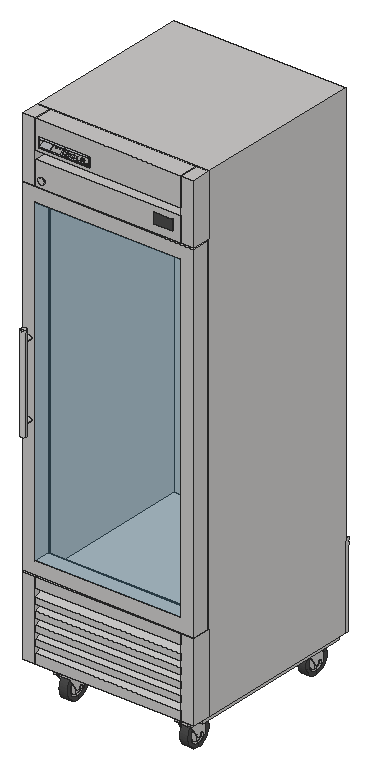
Revit family "QF_TRUE_TS-23G-HC~FGD01_cat", category Specialty Equipment, Revit 2015
Parameters
  Weight in Pounds = 315
  Watts = Volts * FL Amps  # 253 W
  Volts = 115 V
  URL Cutsheet = "www.truemfg.com"
  URL = "www.truemfg.com"
  Specification by User = ""
  Specification by Manufacturer = ""
  Show Clearance [instance] = yes
  Show 6 Inches Standard Legs [instance] = no
  Show 6 Inches Seismic Flanged Legs [instance] = no
  6 Inches Seismic Flanged Legs [instance] = and(Show 6 Inches Seismic Flanged Legs, not(Show 5 Inches Castors))  # no
  Show Logo [instance] = yes
  Serial Number = ""
  Seismic Rating = ""
  SMACNA No = ""
  Revision Code = ""
  Phase = 1
  Overall Height [instance] = Body Height + Base Height  # 83 3/8"
  Number of Poles = 1
  NAFEM Spec ID Number = ""
  Model = "TS-23G-HC~FGD01"
  Min Ckt Ampacity = 0 A
  Max Overcurrent Protection = 0 A
  Masterspec = ""
  Manufacturer = "TRUE"
  Length = 27"
  Item Number = ""
  Installed By = ""
  Identify Quantity as Lot = yes
  Height = 83 3/8"
  HP = "1/4"
  Furnished By = ""
  Foodservice Equipment Identifier = yes
  FL Amps = 2.2 A
  Electrical Remarks = ""
  Electric Connection Type = ""
  Elec Conn RI Height = 0"
  Elec Conn Connection Height = 0"
  Description = "REACH-IN GLASS SWING DOOR STAINLESS STEEL REFRIGERATOR WITH HYDROCARBON REFRIGERANT~FRAMED GLASS DOOR VERSION 01"
  Depth = 29 7/8"
  Cycle = 60 Hz
  Conn Plug = "NEMA 5-15P"
  Conn Conduit = yes
  CSI MasterFormat = ""
  Body Height = 78 3/8"
  Base Height [instance] = if(Show 5 Inches Castors, 5", 6")  # 5"
  Apparent Power = 0 VA
  6 Inches Standard Legs [instance] = and(Show 6 Inches Standard Legs, not(Show 5 Inches Castors))  # no
  Show 5 Inches Castors [instance] = if(Show 6 Inches Seismic Flanged Legs, Show 6 Inches Standard Legs, not(Show 6 Inches Standard Legs))  # yes
Reference planes (in)
  plane 1 "BACK": y = 0
  plane 2: z = 0
  plane 3 "LEFT": x = 0
  plane 4 "RIGHT": x = 27
  plane 5 "FRONT": y = -29.875
  plane 6 "TOP": z = 83.375
  plane 7 "Center Y": x = 13.5
  plane 8 "Center X": y = -14.9375
  plane 9: z = 5
Dimensions and locks (in)
  equal spacing: plane 3 "LEFT", plane 7 "Center Y", plane 4 "RIGHT"
  "Length": plane 3 "LEFT" to plane 4 "RIGHT"
  equal spacing: plane 5 "FRONT", plane 8 "Center X", plane 1 "BACK"
  "Depth": plane 5 "FRONT" to plane 1 "BACK"
  "Overall Height": plane 6 "TOP" to level
  plane 3 "LEFT" to plane 4 "RIGHT" = 27"
  "Base Height": plane 9 to level
  "Body Height": nested 5 to plane 9
  plane 6 "TOP" to nested 5 = 77"
  aligned and locked: level to plane 2
  aligned and locked: nested 5 to plane 9
Nested families (in)
  nested 1: "CASTER-LEGS" at (4, -2.625, 0), Show 5" Casters <- "Show 5 Inches Castors", Show 6 Inches Legs <- "6 Inches Standard Legs", Show Siesmic Flanged <- "6 Inches Seismic Flanged Legs", type "CASTER-LEGS"
    with Type Mark "", Status "", Specification by User "", Show Siesmic Flanged no, Show 6" Casters no, Show 6 Inches Legs no, Show 5" Casters yes, Show 4" Casters no, Show 2.5 Standard Legs no, Show 2.5 Casters no, Revision Code "", Low Profile no, Item Number "", Installed By "", Identify Quantity as Lot yes, Furnished By "", Foodservice Equipment Identifier yes
  nested 2: "CASTER-LEGS" at (4, -25.875, 0), Show 5" Casters <- "Show 5 Inches Castors", Show 6 Inches Legs <- "6 Inches Standard Legs", Show Siesmic Flanged <- "6 Inches Seismic Flanged Legs", type "CASTER-LEGS"
    with Type Mark "", Status "", Specification by User "", Show Siesmic Flanged no, Show 6" Casters no, Show 6 Inches Legs no, Show 5" Casters yes, Show 4" Casters no, Show 2.5 Standard Legs no, Show 2.5 Casters no, Revision Code "", Low Profile no, Item Number "", Installed By "", Identify Quantity as Lot yes, Furnished By "", Foodservice Equipment Identifier yes
  nested 3: "CASTER-LEGS" at (23, -2.625, 0), Show 5" Casters <- "Show 5 Inches Castors", Show 6 Inches Legs <- "6 Inches Standard Legs", Show Siesmic Flanged <- "6 Inches Seismic Flanged Legs", type "CASTER-LEGS"
    with Type Mark "", Status "", Specification by User "", Show Siesmic Flanged no, Show 6" Casters no, Show 6 Inches Legs no, Show 5" Casters yes, Show 4" Casters no, Show 2.5 Standard Legs no, Show 2.5 Casters no, Revision Code "", Low Profile no, Item Number "", Installed By "", Identify Quantity as Lot yes, Furnished By "", Foodservice Equipment Identifier yes
  nested 4: "CASTER-LEGS" at (23, -25.875, 0), Show 5" Casters <- "Show 5 Inches Castors", Show 6 Inches Legs <- "6 Inches Standard Legs", Show Siesmic Flanged <- "6 Inches Seismic Flanged Legs", type "CASTER-LEGS"
    with Type Mark "", Status "", Specification by User "", Show Siesmic Flanged no, Show 6" Casters no, Show 6 Inches Legs no, Show 5" Casters yes, Show 4" Casters no, Show 2.5 Standard Legs no, Show 2.5 Casters no, Revision Code "", Low Profile no, Item Number "", Installed By "", Identify Quantity as Lot yes, Furnished By "", Foodservice Equipment Identifier yes
  nested 5: "TS-23G-HC-FGD01" at (0, 0, 0), Show Clearance <- "Show Clearance", Show Logo <- "Show Logo", type "TS-23G-HC-FGD01"
    with Show Logo yes, Material and Finishes QF_Metal - Stainless - Polished
Connectors (in)
  electrical at (13.5, 0.5, 14.625), driven by "Volts", driven by "Watts"
    settings: on nested 5, index 1, voltage 115 V, apparent load 253 VA, apparent load phase1 0 VA, apparent load phase2 0 VA, apparent load phase3 0 VA, power factor 1, load classification "Other", number of poles 1, system type 30, power factor state 1, is connector primary yes, connector utility no, sub classification motor no, connector description "ELECTRICAL CONNECTION"
Definition of nested family "CASTER-LEGS"
  Parameters (values of type "CASTER-LEGS")
    Weight = ""
    URL Manufacturer = ""
    URL Cutsheet = ""
    URL = ""
    Type Mark [instance] = ""
    Status [instance] = ""
    Specification by User [instance] = ""
    Specification by Manufacturer = ""
    Show Siesmic Flanged [instance] = yes
    Show 6 Inches Legs [instance] = yes
    Show 6" Casters [instance] = yes
    Show 5" Casters [instance] = yes
    Show 4" Casters [instance] = yes
    Show 2.5 Standard Legs [instance] = yes
    Show 2.5 Casters [instance] = yes
    Serial Number = ""
    Seismic Rating = ""
    SMACNA No = ""
    Revision Code [instance] = ""
    Omniclass Number and Title = ""
    NAFEM Spec ID Number = ""
    Model = ""
    MasterSpec. = ""
    Manufacturer = ""
    Low Profile [instance] = yes
    Item Number [instance] = ""
    Installed By [instance] = ""
    Identify Quantity as Lot [instance] = yes
    Furnished By [instance] = ""
    Foodservice Equipment Identifier [instance] = yes
    Description = ""
    CSI MasterFormat = ""
    CSI Master Format = ""
    Assembly Code = ""
  Reference planes (in)
    plane 1: z = 0
    plane 2 "RIGHT": x = 0
    plane 3 "FRONT": y = 0
    plane 4 "TOP": z = 6
    plane 5: z = 2.125
    plane 6: z = 2.5
    plane 7: z = 6.25
  Forms (in)
    Revolve 1, solid, visible <- "Show 6 Inches Legs"
      sketch origin (11.12172, 0, 0) x (-1, 0, 0) y (0, 0, -1)
        loop
          line (11.12172, -6) -> (11.12172, 0) -> (10.62172, 0) -> (10.62172, -1.30261) -> (10.37172, -1.30261) -> (10.37172, -6) -> (11.12172, -6)
        axis (11.12172, 0) -> (11.12172, -6)
      angle from 0 to 360
    Extrusion 2, solid, visible <- "Show Siesmic Flanged"
      sketch origin (0, 0, 0) x (1, 0, 0) y (0, 1, 0)
        loop
          circle (-0.00825, 0) r 1
      from 0 to 0.125
    Revolve 3, solid, visible <- "Show Siesmic Flanged"
      sketch origin (11.12172, 0, 0) x (-1, 0, 0) y (0, 0, -1)
        loop
          line (11.12172, -6) -> (11.12172, -0.125) -> (10.62172, -0.125) -> (10.62172, -1.30261) -> (10.37172, -1.30261) -> (10.37172, -6) -> (11.12172, -6)
        axis (11.12172, -0.125) -> (11.12172, -6)
      angle from 0 to 360
    Revolve 4, solid, visible <- "Show 2.5 Standard Legs"
      sketch origin (11.12172, 0, 0) x (-1, 0, 0) y (0, 0, -1)
        loop
          line (11.12172, -2.5) -> (11.12172, 0) -> (10.62172, 0) -> (10.62172, -0.75) -> (10.37172, -0.75) -> (10.37172, -2.5) -> (11.12172, -2.5)
        axis (11.12172, 0) -> (11.12172, -2.5)
      angle from 0 to 360
  Dimensions and locks (in)
    plane 4 "TOP" to level = 6"  (x2)
    locked: Revolve 1 sketch curve to Revolve 1 sketch curve at 1.30261
    locked: Revolve 1 sketch curve to Revolve 1 sketch curve at 0.75
    nested 1 to level = 5"
    plane 6 to plane 1 = 2 1/2"
    plane 5 to plane 1 = 2 1/8"
    plane 7 to plane 1 = 6 1/4"
    locked: Revolve 3 sketch curve to Revolve 3 sketch curve at 0.75
    aligned and locked: level to plane 1
  Nested families (in)
    nested 1: "PITCO_5 INCHES CASTER" at (0, 0, 0), Show Casters <- "Show 5" Casters", type "PITCO_5 INCHES CASTER"
      with Type Mark "", Status "", Specification by User "", Show Casters yes, Revision Code "", Item Number "", Installed By "", Identify Quantity as Lot yes, Furnished By "", Foodservice Equipment Identifier yes
    nested 2: "2.13" at (0, 0, 0), 2.5 Inches Caster <- "Low Profile", type "2.13"
      with Type Mark "", Status "", Specification by User "", Revision Code "", Item Number "", Installed By "", Identify Quantity as Lot yes, Furnished By "", Foodservice Equipment Identifier yes, 2.5 Inches Caster yes
    nested 3: "C4" at (0, 0, 0), Show 4 Inches Casters <- "Show 4" Casters", type "C4"
      with Type Mark "", Specification by User "", Show 4 Inches Casters yes, Revision Code "", Item Number "", Installed By "", Identify Quantity as Lot yes, Furnished By "", Foodservice Equipment Identifier yes
    nested 4: "6 Inches Leg & Caster" at (0, 0, 0), Show Casters <- "Show 6" Casters", type "6 Inches Leg & Caster"
      with Type Mark "", Status "", Specification by User "", Show Casters yes, Revision Code "", Item Number "", Installed By "", Identify Quantity as Lot yes, Furnished By "", Foodservice Equipment Identifier yes
    nested 5: "C2.5" at (0, -0.86941, 0), 2.5 Inches Caster <- "Show 2.5 Casters", type "C2.5"
      with Type Mark "", Status "", Specification by User "", Revision Code "", Item Number "", Installed By "", Identify Quantity as Lot yes, Furnished By "", Foodservice Equipment Identifier yes, 2.5 Inches Caster yes
  Definition of nested family "PITCO_5 INCHES CASTER"
    Parameters (values of type "PITCO_5 INCHES CASTER")
      Weight = ""
      URL Manufacturer = ""
      URL Cutsheet = ""
      URL = ""
      Type Mark [instance] = ""
      Status [instance] = ""
      Specification by User [instance] = ""
      Specification by Manufacturer = ""
      Show Casters [instance] = yes
      Rubber = none
      Chrome = none
      Serial Number = ""
      Seismic Rating = ""
      SMACNA No = ""
      Revision Code [instance] = ""
      Omniclass Number and Title = ""
      NAFEM Spec ID Number = ""
      Model = ""
      MasterSpec. = ""
      Manufacturer = ""
      Item Number [instance] = ""
      Installed By [instance] = ""
      Identify Quantity as Lot [instance] = yes
      Furnished By [instance] = ""
      Foodservice Equipment Identifier [instance] = yes
      Description = ""
      CSI MasterFormat = ""
      CSI Master Format = ""
      Assembly Code = ""
    Reference planes (in)
      plane 1: z = 0
      plane 2 "RIGHT": x = 0
      plane 3 "FRONT": y = 0
      plane 4 "TOP": z = 5
      plane 5: z = 5.0625
    Forms (in)
      Revolve 1, solid, visible <- "Show Casters"
        sketch origin (-180, 1.0625, -34.67466) x (0, 0, -1) y (-1, 0, 0)
          loop
            line (-34.67466, -180.64009) -> (-34.67466, -179.35991) -> (-35.17466, -179.35991) -> (-35.17466, -179.48491) -> (-35.42466, -179.48491) -> (-35.42466, -179.64009) -> (-36.48519, -179.60306) -> (-36.48519, -178.85852) -> (-36.5316, -178.85852) -> (-36.5316, -178.71719) -> (-36.70591, -178.71719) -> (-36.70591, -181.28281) -> (-36.5316, -181.28281) -> (-36.5316, -181.14148) -> (-36.48519, -181.14148) -> (-36.48519, -180.39694) -> (-35.42466, -180.35991) -> (-35.42466, -180.51509) -> (-35.17466, -180.51509) -> (-35.17466, -180.64009) -> (-34.67466, -180.64009)
          axis (-36.70591, -181.28281) -> (-36.70591, -178.71719)
        angle from 0 to 360
      Extrusion 2, solid, visible <- "Show Casters"
        sketch origin (0, 0, -1.11142) x (0, -1, 0) y (1, 0, 0)
          loop
            circle (0, 0) r 1.5
        from 5.61142 to 6.17392
      Extrusion 3, solid, visible <- "Show Casters"
        sketch origin (0, 0, 0.289) x (0, -1, 0) y (0, 0, 1)
          loop
            arc (0.91808, 3.59427) -> (1.13645, 3.7909) -> (1.42156, 3.86198) r 0.60732
            line (1.42156, 3.86198) -> (1.46208, 3.86198) -> (1.43155, 4.211) -> (-1.43155, 4.211)
            arc (-1.43155, 4.211) -> (-1.62474, 4.13098) -> (-1.70476, 3.93778) r 0.27322
            line (-1.70476, 3.93778) -> (-1.70476, 3.78861) -> (-1.76351, 2.11371) -> (-1.82446, 1.68005)
            arc (-1.82446, 1.68005) -> (-1.73191, 1.41127) -> (-1.46007, 1.32816) r 0.31307
            line (-1.46007, 1.32816) -> (-0.60834, 1.47835)
            arc (-0.60834, 1.47835) -> (-0.50841, 1.51771) -> (-0.43181, 1.59299) r 0.26936
            line (-0.43181, 1.59299) -> (0.91808, 3.59427)
        from 0.84601 to 1.05998
      Extrusion 4, solid, visible <- "Show Casters"
        sketch origin (0, 0, -0.82242) x (0, -1, 0) y (0, 0, -1)
          loop
            line (1.43155, -5.32242) -> (1.46208, -4.9734) -> (1.42156, -4.9734)
            arc (1.42156, -4.9734) -> (1.13645, -4.90232) -> (0.91808, -4.70569) r 0.60732
            line (0.91808, -4.70569) -> (-0.43181, -2.70441)
            arc (-0.43181, -2.70441) -> (-0.50841, -2.62913) -> (-0.60834, -2.58977) r 0.26936
            line (-0.60834, -2.58977) -> (-1.46007, -2.43958)
            arc (-1.46007, -2.43958) -> (-1.73191, -2.52269) -> (-1.82446, -2.79147) r 0.31307
            line (-1.82446, -2.79147) -> (-1.76351, -3.22513) -> (-1.70476, -4.90003) -> (-1.70476, -5.0492)
            arc (-1.70476, -5.0492) -> (-1.62474, -5.2424) -> (-1.43155, -5.32242) r 0.27322
            line (-1.43155, -5.32242) -> (1.43155, -5.32242)
        from 0.84601 to 1.05998
      Extrusion 5, solid, visible <- "Show Casters"
        sketch origin (-0.84601, 0, 0.289) x (0, 1, 0) y (0, 0, 1)
          loop
            line (1.43155, 4.211) -> (-1.43155, 4.211) -> (-1.46208, 3.86198) -> (-1.42156, 3.86198)
            arc (-1.42156, 3.86198) -> (-1.13645, 3.7909) -> (-0.91808, 3.59427) r 0.60732
            arc (-0.91808, 3.59427) -> (0.37927, 3.88135) -> (1.70476, 3.78861) r 4.63574
            line (1.70476, 3.78861) -> (1.70476, 3.93778)
            arc (1.70476, 3.93778) -> (1.62474, 4.13098) -> (1.43155, 4.211) r 0.27322
        from 0 to 1.69203
    Cuts and joins
      joined: Extrusion 3, Extrusion 4, Extrusion 5
    Lines and regions (in)
      symbolic lines, visible <- "Show Casters"
        curve 1: line (0.70901, 2.6399, 0) -> (1.79507, 2.01286, 0)
        curve 2: line (-1.79099, -1.69023, 0) -> (0.70901, 2.6399, 0)
        curve 3: line (-0.70493, -2.31727, 0) -> (-1.79099, -1.69023, 0)
        curve 4: line (1.79507, 2.01286, 0) -> (-0.70493, -2.31727, 0)
    Dimensions and locks (in)
      plane 4 "TOP" to level = 5"  (x2)
      plane 5 to level = 5 1/16"
      aligned and locked: level to plane 1
  Definition of nested family "2.13"
    Parameters
      Weight = ""
      URL Manufacturer = ""
      URL Cutsheet = ""
      URL = ""
      Type Mark [instance] = ""
      Status [instance] = ""
      Specification by User [instance] = ""
      Specification by Manufacturer = ""
      Serial Number = ""
      Seismic Rating = ""
      SMACNA No = ""
      Revision Code [instance] = ""
      Omniclass Number and Title = ""
      NAFEM Spec ID Number = ""
      Model = ""
      MasterSpec. = ""
      Manufacturer = ""
      Item Number [instance] = ""
      Installed By [instance] = ""
      Identify Quantity as Lot [instance] = yes
      Furnished By [instance] = ""
      Foodservice Equipment Identifier [instance] = yes
      Description = ""
      CSI MasterFormat = ""
      CSI Master Format = ""
      Assembly Code = ""
      2.5 Inches Caster [instance] = yes
    Reference planes (in)
      plane 1: z = 0
      plane 2 "RIGHT": x = 0
      plane 3 "FRONT": y = 0
      plane 4 "TOP": z = 2.125
    Forms (in)
      Revolve 1, solid, visible <- "2.5 Inches Caster"
        sketch origin (-1.93794, 0.83816, -1.0041) x (1, 0, 0) y (0, 0, 1)
          loop
            line (0.74055, 1.76972) -> (0.74055, 1.69422) -> (0.79055, 1.64422) -> (0.85055, 1.64422) -> (0.85055, 1.52415) -> (1.235, 1.52415) -> (1.235, 1.4568) -> (1.38673, 1.3692) -> (1.4003, 1.28535) -> (1.34375, 1.28535) -> (1.34375, 1.16035) -> (1.375, 1.16035) -> (1.375, 1.0041) -> (1.87544, 1.0041) -> (1.87544, 1.52415) -> (2.00044, 1.52415) -> (2.00044, 1.0041) -> (2.48438, 1.0041) -> (2.48438, 1.16035) -> (2.51563, 1.16035) -> (2.51563, 1.28535) -> (2.45908, 1.28535) -> (2.47322, 1.37272) -> (2.62438, 1.45999) -> (2.62438, 1.52415) -> (3.04007, 1.52415) -> (3.04007, 1.64422) -> (3.10007, 1.64422) -> (3.15007, 1.69422) -> (3.15007, 1.76972) -> (0.74055, 1.76972)
          axis (0.74055, 1.76972) -> (3.15007, 1.76972)
        angle from 0 to 360
      Extrusion 2, solid, visible <- "2.5 Inches Caster"
        sketch origin (-1.93794, 1.80294, -3.6291) x (0, 1, 0) y (0, 0, 1)
          loop
            line (-0.64294, 5.43229) -> (-0.64294, 5.55298) -> (-2.21294, 5.55298) -> (-2.21294, 5.30272) -> (-1.81966, 5.30272)
            arc (-1.81966, 5.30272) -> (-1.13638, 5.20789) -> (-0.46376, 5.05475) r 8.02767
            arc (-0.46376, 5.05475) -> (-0.19511, 4.95469) -> (0.05138, 4.80832) r 1.60049
            line (0.05138, 4.80832) -> (0.12713, 4.91318)
            arc (0.12713, 4.91318) -> (-0.07255, 5.06376) -> (-0.29048, 5.18644) r 1.8753
            line (-0.29048, 5.18644) -> (-0.22239, 5.30423)
            arc (-0.22239, 5.30423) -> (-0.42776, 5.38437) -> (-0.64294, 5.43229) r 1.44292
        from 1.17357 to 2.70231
      Revolve 3, solid, visible <- "2.5 Inches Caster"
        sketch origin (0, 2.10856, -4.125) x (0, 1, 0) y (0, 0, 1)
          loop
            line (-1.73858, 6.25) -> (-1.73858, 6.04889) -> (-1.05793, 6.04889) -> (-1.05793, 6.25) -> (-1.73858, 6.25)
          axis (-1.73858, 6.04889) -> (-1.73858, 6.25)
        angle from 0 to 360
      Extrusion 4, solid, visible <- "2.5 Inches Caster"
        sketch origin (-1.98481, 1.80294, -2.1291) x (0, 1, 0) y (0, 0, 1)
          loop
            line (-2.21294, 4.05298) -> (-2.21294, 3.80272) -> (-2.13999, 3.80272)
            arc (-2.13999, 3.80272) -> (-1.62379, 3.51899) -> (-1.39241, 2.97729) r 0.90292
            arc (-1.39241, 2.97729) -> (-1.36136, 2.78161) -> (-1.29729, 2.59413) r 1.15385
            arc (-1.29729, 2.59413) -> (-0.94802, 2.37355) -> (-0.6121, 2.61396) r 0.37001
            arc (-0.6121, 2.61396) -> (-0.59625, 2.66241) -> (-0.58446, 2.712) r 0.61695
            arc (-0.58446, 2.712) -> (-0.36134, 3.11665) -> (0.05609, 3.31484) r 0.75313
            line (0.05609, 3.31484) -> (0.12713, 3.41318)
            arc (0.12713, 3.41318) -> (-0.07255, 3.56376) -> (-0.29048, 3.68644) r 1.8753
            line (-0.29048, 3.68644) -> (-0.22239, 3.80423)
            arc (-0.22239, 3.80423) -> (-0.42776, 3.88437) -> (-0.64294, 3.93229) r 1.44292
            line (-0.64294, 3.93229) -> (-0.64294, 4.05298) -> (-2.21294, 4.05298)
        from 2.74918 to 2.90825
      Extrusion 5, solid, visible <- "2.5 Inches Caster"
        sketch origin (1.98481, 1.80294, -2.1291) x (0, 1, 0) y (0, 0, -1)
          loop
            line (-2.21294, -4.05298) -> (-0.64294, -4.05298) -> (-0.64294, -3.93229)
            arc (-0.64294, -3.93229) -> (-0.42776, -3.88437) -> (-0.22239, -3.80423) r 1.44292
            line (-0.22239, -3.80423) -> (-0.29048, -3.68644)
            arc (-0.29048, -3.68644) -> (-0.07255, -3.56376) -> (0.12713, -3.41318) r 1.8753
            line (0.12713, -3.41318) -> (0.05609, -3.31484)
            arc (0.05609, -3.31484) -> (-0.36134, -3.11665) -> (-0.58446, -2.712) r 0.75313
            arc (-0.58446, -2.712) -> (-0.59625, -2.66241) -> (-0.6121, -2.61396) r 0.61695
            arc (-0.6121, -2.61396) -> (-0.94802, -2.37355) -> (-1.29729, -2.59413) r 0.37001
            arc (-1.29729, -2.59413) -> (-1.36136, -2.78161) -> (-1.39241, -2.97729) r 1.15385
            arc (-1.39241, -2.97729) -> (-1.62379, -3.51899) -> (-2.13999, -3.80272) r 0.90292
            line (-2.13999, -3.80272) -> (-2.21294, -3.80272) -> (-2.21294, -4.05298)
        from 2.74918 to 2.90825
    Lines and regions (in)
      symbolic lines, visible <- "2.5 Inches Caster"
        curve 1: line (0.10651, 1.27186, 0) -> (0.80944, 0.86603, 0)
        curve 2: line (-0.89349, -0.46019, 0) -> (0.10651, 1.27186, 0)
        curve 3: line (-0.19056, -0.86603, 0) -> (-0.89349, -0.46019, 0)
        curve 4: line (0.80944, 0.86603, 0) -> (-0.19056, -0.86603, 0)
    Dimensions and locks (in)
      plane 4 "TOP" to level = 2 1/8"  (x2)
      aligned and locked: level to plane 1
  Definition of nested family "C4"
    Parameters
      Weight = ""
      URL Manufacturer = ""
      URL Cutsheet = ""
      URL = ""
      Type Mark [instance] = ""
      Specification by User [instance] = ""
      Specification by Manufacturer = ""
      Show 4 Inches Casters [instance] = yes
      Serial Number = ""
      Seismic Rating = ""
      SMACNA No = ""
      Revision Code [instance] = ""
      Omniclass Number and Title = ""
      NAFEM Spec ID Number = ""
      Model = ""
      MasterSpec. = ""
      Manufacturer = ""
      Item Number [instance] = ""
      Installed By [instance] = ""
      Identify Quantity as Lot [instance] = yes
      Furnished By [instance] = ""
      Foodservice Equipment Identifier [instance] = yes
      Description = ""
      CSI MasterFormat = ""
      CSI Master Format = ""
      Assembly Code = ""
    Reference planes (in)
      plane 1: z = 0
      plane 2 "RIGHT": x = 0
      plane 3 "FRONT": y = 0
      plane 4 "TOP": z = 4
    Forms (in)
      Revolve 1, solid, visible <- "Show 4 Inches Casters"
        sketch origin (-1.93794, 0.83816, -1.0041) x (1, 0, 0) y (0, 0, 1)
          loop
            line (0.74055, 2.5041) -> (3.15007, 2.5041) -> (3.15007, 2.5796) -> (3.10007, 2.6296) -> (3.04007, 2.6296) -> (3.04007, 2.74967) -> (2.62438, 2.74967) -> (2.62438, 2.93884) -> (2.48438, 3.01967) -> (2.45908, 3.17597) -> (2.51563, 3.17597) -> (2.51563, 3.41035) -> (2.48438, 3.41035) -> (2.48438, 4.0041) -> (1.375, 4.0041) -> (1.375, 3.41035) -> (1.34375, 3.41035) -> (1.34375, 3.17597) -> (1.4003, 3.17597) -> (1.37557, 3.02318) -> (1.235, 2.94202) -> (1.235, 2.74967) -> (0.85055, 2.74967) -> (0.85055, 2.6296) -> (0.79055, 2.6296) -> (0.74055, 2.5796) -> (0.74055, 2.5041)
          axis (0.74055, 2.5041) -> (3.15007, 2.5041)
        angle from 0 to 360
      Extrusion 2, solid, visible <- "Show 4 Inches Casters"
        sketch origin (-1.93794, 1.80294, -1.7541) x (0, 1, 0) y (0, 0, 1)
          loop
            line (-3.08794, 5.33423) -> (-3.08794, 5.00584) -> (-2.69466, 5.00584)
            arc (-2.69466, 5.00584) -> (-1.57175, 4.94895) -> (-0.46376, 4.75787) r 9.36411
            arc (-0.46376, 4.75787) -> (-0.05889, 4.58436) -> (0.28335, 4.30705) r 1.60049
            line (0.28335, 4.30705) -> (0.34449, 4.39437)
            arc (0.34449, 4.39437) -> (0.12713, 4.6163) -> (-0.1239, 4.79931) r 1.8753
            line (-0.1239, 4.79931) -> (-0.05749, 4.91421)
            arc (-0.05749, 4.91421) -> (-0.33807, 5.05694) -> (-0.64294, 5.13542) r 1.44292
            line (-0.64294, 5.13542) -> (-0.64294, 5.33423) -> (-3.08794, 5.33423)
        from 1.1267 to 2.74918
      Revolve 3, solid, visible <- "Show 4 Inches Casters"
        sketch origin (0, 2.15543, -2.25) x (0, 1, 0) y (0, 0, 1)
          loop
            line (-2.21793, 6.25) -> (-2.21793, 5.83014) -> (-1.05793, 5.83014) -> (-1.05793, 6.25) -> (-2.21793, 6.25)
          axis (-2.21793, 5.83014) -> (-2.21793, 6.25)
        angle from 0 to 360
      Extrusion 4, solid, visible <- "Show 4 Inches Casters"
        sketch origin (-1.93794, 1.80294, -1.7541) x (0, 1, 0) y (0, 0, 1)
          loop
            line (-3.08794, 5.33423) -> (-3.08794, 5.00584) -> (-2.8913, 5.00584)
            arc (-2.8913, 5.00584) -> (-2.09118, 4.14057) -> (-1.45681, 3.14736) r 6.63355
            arc (-1.45681, 3.14736) -> (-0.85703, 2.75969) -> (-0.4561, 3.35069) r 0.5107
            arc (-0.4561, 3.35069) -> (-0.27092, 3.92503) -> (0.24034, 4.24562) r 0.88136
            line (0.24034, 4.24562) -> (0.34449, 4.39437)
            arc (0.34449, 4.39437) -> (0.12713, 4.6163) -> (-0.1239, 4.79931) r 1.8753
            line (-0.1239, 4.79931) -> (-0.05749, 4.91421)
            arc (-0.05749, 4.91421) -> (-0.33807, 5.05694) -> (-0.64294, 5.13542) r 1.44292
            line (-0.64294, 5.13542) -> (-0.64294, 5.33423) -> (-3.08794, 5.33423)
        from 2.74918 to 2.90825
      Extrusion 5, solid, visible <- "Show 4 Inches Casters"
        sketch origin (1.93794, 1.80294, -1.7541) x (0, 1, 0) y (0, 0, -1)
          loop
            line (-3.08794, -5.33423) -> (-0.64294, -5.33423) -> (-0.64294, -5.13542)
            arc (-0.64294, -5.13542) -> (-0.33807, -5.05694) -> (-0.05749, -4.91421) r 1.44292
            line (-0.05749, -4.91421) -> (-0.1239, -4.79931)
            arc (-0.1239, -4.79931) -> (0.12713, -4.6163) -> (0.34449, -4.39437) r 1.8753
            line (0.34449, -4.39437) -> (0.24034, -4.24562)
            arc (0.24034, -4.24562) -> (-0.27092, -3.92503) -> (-0.4561, -3.35069) r 0.88136
            arc (-0.4561, -3.35069) -> (-0.85703, -2.75969) -> (-1.45681, -3.14736) r 0.5107
            arc (-1.45681, -3.14736) -> (-2.09118, -4.14057) -> (-2.8913, -5.00584) r 6.63355
            line (-2.8913, -5.00584) -> (-3.08794, -5.00584) -> (-3.08794, -5.33423)
        from 2.74918 to 2.90825
    Cuts and joins
      joined: Extrusion 2, Extrusion 4, Extrusion 5
    Lines and regions (in)
      symbolic lines, visible <- "Show 4 Inches Casters"
        curve 1: line (0.28481, 1.83041, 0) -> (1.24556, 1.27572, 0)
        curve 2: line (-1.26206, -0.84886, 0) -> (0.28481, 1.83041, 0)
        curve 3: line (-0.30132, -1.40355, 0) -> (-1.26206, -0.84886, 0)
        curve 4: line (1.24556, 1.27572, 0) -> (-0.30132, -1.40355, 0)
    Dimensions and locks (in)
      plane 4 "TOP" to level = 4"  (x2)
      aligned and locked: level to plane 1
  Definition of nested family "6 Inches Leg & Caster"
    Parameters
      Weight = ""
      URL Manufacturer = ""
      URL Cutsheet = ""
      URL = ""
      Type Mark [instance] = ""
      Status [instance] = ""
      Specification by User [instance] = ""
      Specification by Manufacturer = ""
      Show Casters [instance] = yes
      Serial Number = ""
      Seismic Rating = ""
      SMACNA No = ""
      Revision Code [instance] = ""
      Omniclass Number and Title = ""
      NAFEM Spec ID Number = ""
      Model = ""
      MasterSpec. = ""
      Manufacturer = ""
      Item Number [instance] = ""
      Installed By [instance] = ""
      Identify Quantity as Lot [instance] = yes
      Furnished By [instance] = ""
      Foodservice Equipment Identifier [instance] = yes
      Description = ""
      CSI MasterFormat = ""
      CSI Master Format = ""
    Reference planes (in)
      plane 1 "BACK": y = 0
      plane 2: z = 0
      plane 3 "LEFT": x = 0
      plane 4 "RIGHT": x = 0
      plane 5 "FRONT": y = 0
      plane 6 "TOP": z = 6.25
    Forms (in)
      Revolve 1, solid, visible <- "Show Casters"
        sketch origin (-2.21793, 0, -0.25) x (-1, 0, 0) y (0, 0, 1)
          loop
            line (-2.21793, 6) -> (-2.21793, 5.55584) -> (-0.93693, 5.55584) -> (-0.93693, 6) -> (-2.21793, 6)
          axis (-2.21793, 5.55584) -> (-2.21793, 6)
        angle from 0 to 360
      Extrusion 2, solid, visible <- "Show Casters"
        sketch origin (0.25594, 2.21793, -0.1875) x (0, 1, 0) y (0, 0, 1)
          loop
            line (-3.37793, 5.49334) -> (-3.37793, 5.24334) -> (-1.63015, 2.08504)
            arc (-1.63015, 2.08504) -> (-0.63555, 1.74359) -> (-0.1951, 2.69848) r 0.78437
            line (-0.1951, 2.69848) -> (-1.06726, 5.49334) -> (-3.37793, 5.49334)
        from 0.78968 to 0.90247
      Extrusion 3, solid, visible <- "Show Casters"
        sketch origin (0, 0, 5.75) x (0, 1, 0) y (-1, 0, 0)
          loop
            circle (0, 0) r 0.75
        from 0 to 0.5
      Extrusion 4, solid, visible <- "Show Casters"
        sketch origin (-0.25594, 2.21793, -0.1875) x (0, 1, 0) y (0, 0, -1)
          loop
            line (-3.37793, -5.49334) -> (-1.06726, -5.49334) -> (-0.1951, -2.69848)
            arc (-0.1951, -2.69848) -> (-0.63555, -1.74359) -> (-1.63015, -2.08504) r 0.78437
            line (-1.63015, -2.08504) -> (-3.37793, -5.24334) -> (-3.37793, -5.49334)
        from 0.78968 to 0.90247
      Extrusion 5, solid, visible <- "Show Casters"
        sketch origin (0, 0, 0.75) x (0, 1, 0) y (0, 0, 1)
          loop
            line (-1.16, 4.55584) -> (-1.16, 4.30584) -> (1.15067, 4.30584) -> (1.15067, 4.55584) -> (-1.16, 4.55584)
        from -1.04562 to 1.04562
      Revolve 6, solid, visible <- "Show Casters"
        sketch origin (-1.9375, 1.23015, -0.12802) x (1, 0, 0) y (0, 0, 1)
          loop
            line (0.5843, 2.5041) -> (0.5843, 2.3661) -> (0.6343, 2.3161) -> (0.6943, 2.3161) -> (0.6943, 2.1804) -> (1.1725, 2.1804) -> (1.1725, 1.78493) -> (1.31307, 1.70377) -> (1.42647, 1.00302) -> (1.28125, 1.00302) -> (1.28125, 0.75302) -> (1.3125, 0.75302) -> (1.3125, 0.50302)
            arc (1.3125, 0.50302) -> (1.42233, 0.23785) -> (1.6875, 0.12802) r 0.375
            line (1.6875, 0.12802) -> (2.1875, 0.12802)
            arc (2.1875, 0.12802) -> (2.45267, 0.23785) -> (2.5625, 0.50302) r 0.375
            line (2.5625, 0.50302) -> (2.5625, 0.75302) -> (2.59375, 0.75302) -> (2.59375, 1.00302) -> (2.44853, 1.00302) -> (2.5625, 1.70728) -> (2.7025, 1.78811) -> (2.7025, 2.1804) -> (3.1807, 2.1804) -> (3.1807, 2.3161) -> (3.2407, 2.3161) -> (3.2907, 2.3661) -> (3.2907, 2.5041) -> (0.5843, 2.5041)
          axis (0.5843, 2.5041) -> (3.2907, 2.5041)
        angle from 0 to 360
    Cuts and joins
      joined: Extrusion 2, Extrusion 4, Extrusion 5
    Lines and regions (in)
      symbolic lines, visible <- "Show Casters"
        curve 1: line (0.46086, 2.04455, 0) -> (1.54339, 1.41955, 0)
        curve 2: line (-1.53914, -1.41955, 0) -> (0.46086, 2.04455, 0)
        curve 3: line (-0.45661, -2.04455, 0) -> (-1.53914, -1.41955, 0)
        curve 4: line (1.54339, 1.41955, 0) -> (-0.45661, -2.04455, 0)
    Dimensions and locks (in)
      plane 6 "TOP" to level = 6 1/4"  (x2)
      aligned and locked: level to plane 2
  Definition of nested family "C2.5"
    Parameters
      Weight = ""
      URL Manufacturer = ""
      URL Cutsheet = ""
      URL = ""
      Type Mark [instance] = ""
      Status [instance] = ""
      Specification by User [instance] = ""
      Specification by Manufacturer = ""
      Serial Number = ""
      Seismic Rating = ""
      SMACNA No = ""
      Revision Code [instance] = ""
      Omniclass Number and Title = ""
      NAFEM Spec ID Number = ""
      Model = ""
      MasterSpec. = ""
      Manufacturer = ""
      Item Number [instance] = ""
      Installed By [instance] = ""
      Identify Quantity as Lot [instance] = yes
      Furnished By [instance] = ""
      Foodservice Equipment Identifier [instance] = yes
      Description = ""
      CSI MasterFormat = ""
      CSI Master Format = ""
      Assembly Code = ""
      2.5 Inches Caster [instance] = yes
    Reference planes (in)
      plane 1: z = 0
      plane 2 "RIGHT": x = 0
      plane 3 "FRONT": y = 0
      plane 4 "TOP": z = 2.5
    Forms (in)
      Revolve 1, solid, visible <- "2.5 Inches Caster"
        sketch origin (-1.93794, 0.83816, -1.0041) x (1, 0, 0) y (0, 0, 1)
          loop
            line (0.74055, 1.92597) -> (0.74055, 1.85047) -> (0.79055, 1.80047) -> (0.85055, 1.80047) -> (0.85055, 1.6804) -> (1.235, 1.6804) -> (1.235, 1.61305) -> (1.38673, 1.52545) -> (1.4003, 1.4416) -> (1.34375, 1.4416) -> (1.34375, 1.3166) -> (1.375, 1.3166) -> (1.375, 1.0041) -> (2.48438, 1.0041) -> (2.48438, 1.3166) -> (2.51563, 1.3166) -> (2.51563, 1.4416) -> (2.45908, 1.4416) -> (2.47322, 1.52897) -> (2.62438, 1.61624) -> (2.62438, 1.6804) -> (3.04007, 1.6804) -> (3.04007, 1.80047) -> (3.10007, 1.80047) -> (3.15007, 1.85047) -> (3.15007, 1.92597) -> (0.74055, 1.92597)
          axis (0.74055, 1.92597) -> (3.15007, 1.92597)
        angle from 0 to 360
      Extrusion 2, solid, visible <- "2.5 Inches Caster"
        sketch origin (-1.93794, 1.80294, -3.2541) x (0, 1, 0) y (0, 0, 1)
          loop
            line (-0.64294, 5.43229) -> (-0.64294, 5.55298) -> (-2.21294, 5.55298) -> (-2.21294, 5.30272) -> (-1.81966, 5.30272)
            arc (-1.81966, 5.30272) -> (-1.13638, 5.20789) -> (-0.46376, 5.05475) r 8.02767
            arc (-0.46376, 5.05475) -> (-0.19511, 4.95469) -> (0.05138, 4.80832) r 1.60049
            line (0.05138, 4.80832) -> (0.12713, 4.91318)
            arc (0.12713, 4.91318) -> (-0.07255, 5.06376) -> (-0.29048, 5.18644) r 1.8753
            line (-0.29048, 5.18644) -> (-0.22239, 5.30423)
            arc (-0.22239, 5.30423) -> (-0.42776, 5.38437) -> (-0.64294, 5.43229) r 1.44292
        from 1.17357 to 2.70231
      Revolve 3, solid, visible <- "2.5 Inches Caster"
        sketch origin (0, 2.10856, -3.75) x (0, 1, 0) y (0, 0, 1)
          loop
            line (-1.73858, 6.25) -> (-1.73858, 6.04889) -> (-1.05793, 6.04889) -> (-1.05793, 6.25) -> (-1.73858, 6.25)
          axis (-1.73858, 6.04889) -> (-1.73858, 6.25)
        angle from 0 to 360
      Extrusion 4, solid, visible <- "2.5 Inches Caster"
        sketch origin (-1.98481, 1.80294, -1.7541) x (0, 1, 0) y (0, 0, 1)
          loop
            line (-2.21294, 4.05298) -> (-2.21294, 3.80272) -> (-2.13999, 3.80272)
            arc (-2.13999, 3.80272) -> (-1.62379, 3.51899) -> (-1.39241, 2.97729) r 0.90292
            arc (-1.39241, 2.97729) -> (-1.36136, 2.78161) -> (-1.29729, 2.59413) r 1.15385
            arc (-1.29729, 2.59413) -> (-0.94802, 2.37355) -> (-0.6121, 2.61396) r 0.37001
            arc (-0.6121, 2.61396) -> (-0.59625, 2.66241) -> (-0.58446, 2.712) r 0.61695
            arc (-0.58446, 2.712) -> (-0.36134, 3.11665) -> (0.05609, 3.31484) r 0.75313
            line (0.05609, 3.31484) -> (0.12713, 3.41318)
            arc (0.12713, 3.41318) -> (-0.07255, 3.56376) -> (-0.29048, 3.68644) r 1.8753
            line (-0.29048, 3.68644) -> (-0.22239, 3.80423)
            arc (-0.22239, 3.80423) -> (-0.42776, 3.88437) -> (-0.64294, 3.93229) r 1.44292
            line (-0.64294, 3.93229) -> (-0.64294, 4.05298) -> (-2.21294, 4.05298)
        from 2.74918 to 2.90825
      Extrusion 5, solid, visible <- "2.5 Inches Caster"
        sketch origin (1.98481, 1.80294, -1.7541) x (0, 1, 0) y (0, 0, -1)
          loop
            line (-2.21294, -4.05298) -> (-0.64294, -4.05298) -> (-0.64294, -3.93229)
            arc (-0.64294, -3.93229) -> (-0.42776, -3.88437) -> (-0.22239, -3.80423) r 1.44292
            line (-0.22239, -3.80423) -> (-0.29048, -3.68644)
            arc (-0.29048, -3.68644) -> (-0.07255, -3.56376) -> (0.12713, -3.41318) r 1.8753
            line (0.12713, -3.41318) -> (0.05609, -3.31484)
            arc (0.05609, -3.31484) -> (-0.36134, -3.11665) -> (-0.58446, -2.712) r 0.75313
            arc (-0.58446, -2.712) -> (-0.59625, -2.66241) -> (-0.6121, -2.61396) r 0.61695
            arc (-0.6121, -2.61396) -> (-0.94802, -2.37355) -> (-1.29729, -2.59413) r 0.37001
            arc (-1.29729, -2.59413) -> (-1.36136, -2.78161) -> (-1.39241, -2.97729) r 1.15385
            arc (-1.39241, -2.97729) -> (-1.62379, -3.51899) -> (-2.13999, -3.80272) r 0.90292
            line (-2.13999, -3.80272) -> (-2.21294, -3.80272) -> (-2.21294, -4.05298)
        from 2.74918 to 2.90825
    Lines and regions (in)
      symbolic lines, visible <- "2.5 Inches Caster"
        curve 1: line (0.10651, 1.96132, 0) -> (0.80944, 1.55548, 0)
        curve 2: line (-0.89349, 0.22927, 0) -> (0.10651, 1.96132, 0)
        curve 3: line (-0.19056, -0.17657, 0) -> (-0.89349, 0.22927, 0)
        curve 4: line (0.80944, 1.55548, 0) -> (-0.19056, -0.17657, 0)
    Dimensions and locks (in)
      plane 4 "TOP" to level = 2 1/2"  (x2)
      aligned and locked: level to plane 1
Definition of nested family "TS-23G-HC-FGD01"
  Parameters (values of type "TS-23G-HC-FGD01")
    Weight in Pounds = 0
    URL Cutsheet = ""
    Specification by User = ""
    Specification by Manufacturer = ""
    Show Logo [instance] = yes
    Show Clearance [instance] = yes
    Serial Number = ""
    Seismic Rating = ""
    SMACNA No = ""
    Revision Code = ""
    NAFEM Spec ID Number = ""
    Material and Finishes [instance] = none
    Masterspec = ""
    Item Number = ""
    Installed By = ""
    Identify Quantity as Lot = yes
    Furnished By = ""
    Foodservice Equipment Identifier = yes
    CSI MasterFormat = ""
  Reference planes (in)
    plane 1 "BACK": y = 0
    plane 2: z = 0
    plane 3 "LEFT": x = 0
    plane 4 "RIGHT": x = 27
    plane 5 "FRONT": y = -29.875
    plane 6 "TOP": z = 83.375
    plane 7 "Center Y": x = 13.5
    plane 8 "Center X": y = -14.9375
    plane 9: z = 5
    plane 10: z = 18.875
    plane 11: y = 0.625
    plane 12: y = -31.5
    plane 13: z = 6.375
    plane 14: z = 18.875
    plane 15: y = -55.625
    plane 16: y = -55.5625
  Forms (in)
    Extrusion 1, solid, material <- "Material and Finishes", not visible
      sketch origin (-5.09019, 0.0625, 48) x (-1, 0, 0) y (0, 0, 1)
        loop
          line (-5.09019, 35.375) -> (-7.09019, 35.375) -> (-7.09019, -41.625) -> (-5.09019, -41.625) -> (-5.09019, 35.375)
      from 0 to -26.875
    Extrusion 2, solid, material <- "Material and Finishes", not visible
      sketch origin (2, -26.8125, 83.375) x (0, 0, -1) y (0, 1, 0)
        loop
          line (0, -3) -> (4.5, -3) -> (5.75, -0.19245) -> (5.75, -3) -> (9.5, -3) -> (9.5, 0) -> (0, 0) -> (0, -3)
        loop
          line (64.75, -3) -> (66.25, -3) -> (66.25, -0.43712) -> (67.5, -3) -> (68.5, -3) -> (68.5, -0.9497) -> (69.5, -3) -> (70.5, -3) -> (70.5, -0.9497) -> (71.5, -3) -> (72.5, -3) -> (72.5, -0.9497) -> (73.5, -3) -> (74.5, -3) -> (74.5, -0.9497) -> (75.5, -3) -> (77, -3) -> (77, 0) -> (64.75, 0) -> (64.75, -3)
      from 0 to 23
    Extrusion 3, solid, not visible
      sketch origin (-5.09019, -29.8125, 48) x (1, 0, 0) y (0, 0, 1)
        loop
          line (7.09019, -27.125) -> (30.09019, -27.125) -> (30.09019, 23.625) -> (7.09019, 23.625) -> (7.09019, -27.125)
      from 0 to -0.125
    Extrusion 4, solid, not visible
      sketch origin (2, -29.8125, 77.625) x (0, 0, -1) y (1, 0, 0)
        loop
          circle (2.77758, 1) r 0.5
      from 0 to 0.0625
    Extrusion 5, solid, material <- "Material and Finishes", not visible
      sketch origin (2, 0.0625, 83.375) x (0, 0, -1) y (0, 1, 0)
        loop
          line (0, 0) -> (0, -26.875) -> (2, -26.875) -> (2, -2.625) -> (64.75, -2.625) -> (64.75, -26.875) -> (77, -26.875) -> (77, 0) -> (0, 0)
      from 0 to 23
    Extrusion 6, solid, material <- "Material and Finishes", not visible
      sketch origin (-5.09019, -26.8125, 48) x (1, 0, 0) y (0, 0, 1)
        loop
          line (32.09019, 25.625) -> (5.09019, 25.625) -> (5.09019, -29.125) -> (32.09019, -29.125) -> (32.09019, 25.625)
        loop
          line (30.09019, 23.625) -> (7.09019, 23.625) -> (7.09019, -27.125) -> (30.09019, -27.125) -> (30.09019, 23.625)
      from 0.5 to 3
    Extrusion 7, solid, material <- "Material and Finishes", not visible
      sketch origin (2, -26.8125, 83.375) x (0, 0, -1) y (0, 1, 0)
        loop
          line (0, -3) -> (9.5, -3) -> (9.5, 0) -> (0, 0) -> (0, -3)
        loop
          line (64.75, -3) -> (77, -3) -> (77, 0) -> (64.75, 0) -> (64.75, -3)
      from 0 to -2
    Extrusion 8, solid, not visible
      sketch origin (-5.09019, -26.8125, 48) x (1, 0, 0) y (0, 0, 1)
        loop
          line (5.34019, -28.99634) -> (31.84019, -28.99634) -> (31.84019, 25.49634) -> (5.34019, 25.49634) -> (5.34019, -28.99634)
        loop
          line (6.84019, 23.875) -> (6.84019, -27.375) -> (30.34019, -27.375) -> (30.34019, 23.875) -> (6.84019, 23.875)
      from 0 to 0.5
    Extrusion 9, solid, material <- "Material and Finishes", not visible
      sketch origin (25, -26.8125, 83.375) x (0, 0, -1) y (0, -1, 0)
        loop
          line (0, 3) -> (0, 0) -> (9.5, 0) -> (9.5, 3) -> (0, 3)
        loop
          line (64.75, 3) -> (64.75, 0) -> (77, 0) -> (77, 3) -> (64.75, 3)
      from 0 to -2
    Extrusion 10, solid, material <- "Material and Finishes", not visible
      sketch origin (32.09019, 0.0625, 48) x (1, 0, 0) y (0, 0, -1)
        loop
          line (-5.09019, -35.375) -> (-5.09019, 41.625) -> (-7.09019, 41.625) -> (-7.09019, -35.375) -> (-5.09019, -35.375)
      from 0 to -26.875
    Extrusion 11, solid
      sketch origin (-13.57812, 0.375, 19.72095) x (0, 0, -1) y (-1, 0, 0)
        loop
          circle (5.09595, -27.07812) r 0.25
      from 0 to 0.125
    Extrusion 12, solid
      sketch origin (2, -29.875, 77.9375) x (0, 0, -1) y (1, 0, 0)
        loop
          line (1.18857, 18.7994) -> (2.82844, 18.7994) -> (2.82844, 21.74734) -> (1.18857, 21.74734) -> (1.18857, 18.7994)
      from 0 to 0.0625
    Extrusion 13, solid, material <- "Material and Finishes", not visible
      sketch origin (0, -29.8125, -1.125) x (1, 0, 0) y (0, 0, 1)
        loop
          line (1, 7.5) -> (1, 6.125) -> (26, 6.125) -> (26, 7.5) -> (1, 7.5)
      from -29.875 to -3
    Extrusion 14, solid, material <- "Material and Finishes", not visible
      sketch origin (0, 0.1875, 82.375) x (0, 0, 1) y (0, 1, 0)
        loop
          line (-76, -0.125) -> (-62.88726, -0.125) -> (-62.88726, 0.02319) -> (-62.71048, 0.19996) -> (-62.71048, 0.5) -> (-63.05372, 0.5) -> (-63.05372, 0.25) -> (-63.43422, 0.25) -> (-63.43422, 0.5) -> (-63.77905, 0.5) -> (-63.77905, 0.25) -> (-76, 0.25) -> (-76, -0.125)
      from 0 to -27
    Extrusion 15, solid, material <- "Material and Finishes"
      sketch origin (-5.09019, 0, 48) x (-1, 0, 0) y (0, 0, 1)
        loop
          line (-5.09019, 35.375) -> (-7.09019, 35.375) -> (-7.09019, -41.625) -> (-5.09019, -41.625) -> (-5.09019, 35.375)
      from 0 to -26.875
    Extrusion 16, solid, material <- "Material and Finishes"
      sketch origin (2, -26.875, 83.375) x (0, 0, -1) y (0, 1, 0)
        loop
          line (0, -3) -> (4.5, -3) -> (5.75, -0.19245) -> (5.75, -3) -> (9.5, -3) -> (9.5, 0) -> (0, 0) -> (0, -3)
        loop
          line (64.75, -3) -> (66.25, -3) -> (66.25, -0.43712) -> (67.5, -3) -> (68.5, -3) -> (68.5, -0.9497) -> (69.5, -3) -> (70.5, -3) -> (70.5, -0.9497) -> (71.5, -3) -> (72.5, -3) -> (72.5, -0.9497) -> (73.5, -3) -> (74.5, -3) -> (74.5, -0.9497) -> (75.5, -3) -> (77, -3) -> (77, 0) -> (64.75, 0) -> (64.75, -3)
      from 0 to 23
    Extrusion 17, solid
      sketch origin (-5.09019, -29.875, 48) x (1, 0, 0) y (0, 0, 1)
        loop
          line (7.09019, -27.125) -> (30.09019, -27.125) -> (30.09019, 23.625) -> (7.09019, 23.625) -> (7.09019, -27.125)
      from 0 to -0.125
    Extrusion 18, solid
      sketch origin (2, -29.875, 77.625) x (0, 0, -1) y (1, 0, 0)
        loop
          circle (2.77758, 1) r 0.5
      from 0 to 0.0625
    Extrusion 19, solid, material <- "Material and Finishes"
      sketch origin (2, 0, 83.375) x (0, 0, -1) y (0, 1, 0)
        loop
          line (0, 0) -> (0, -26.875) -> (2, -26.875) -> (2, -2.625) -> (64.75, -2.625) -> (64.75, -26.875) -> (77, -26.875) -> (77, 0) -> (0, 0)
      from 0 to 23
    Extrusion 20, solid, material <- "Material and Finishes"
      sketch origin (-5.09019, -26.875, 48) x (1, 0, 0) y (0, 0, 1)
        loop
          line (32.09019, 25.625) -> (5.09019, 25.625) -> (5.09019, -29.125) -> (32.09019, -29.125) -> (32.09019, 25.625)
        loop
          line (30.09019, 23.625) -> (7.09019, 23.625) -> (7.09019, -27.125) -> (30.09019, -27.125) -> (30.09019, 23.625)
      from 0.5 to 3
    Extrusion 21, solid, material <- "Material and Finishes"
      sketch origin (2, -26.875, 83.375) x (0, 0, -1) y (0, 1, 0)
        loop
          line (0, -3) -> (9.5, -3) -> (9.5, 0) -> (0, 0) -> (0, -3)
        loop
          line (64.75, -3) -> (77, -3) -> (77, 0) -> (64.75, 0) -> (64.75, -3)
      from 0 to -2
    Extrusion 22, solid
      sketch origin (-5.09019, -26.875, 48) x (1, 0, 0) y (0, 0, 1)
        loop
          line (5.34019, -28.99634) -> (31.84019, -28.99634) -> (31.84019, 25.49634) -> (5.34019, 25.49634) -> (5.34019, -28.99634)
        loop
          line (6.84019, 23.875) -> (6.84019, -27.375) -> (30.34019, -27.375) -> (30.34019, 23.875) -> (6.84019, 23.875)
      from 0 to 0.5
    Extrusion 23, solid, material <- "Material and Finishes"
      sketch origin (25, -26.875, 83.375) x (0, 0, -1) y (0, -1, 0)
        loop
          line (0, 3) -> (0, 0) -> (9.5, 0) -> (9.5, 3) -> (0, 3)
        loop
          line (64.75, 3) -> (64.75, 0) -> (77, 0) -> (77, 3) -> (64.75, 3)
      from 0 to -2
    Extrusion 24, solid, material <- "Material and Finishes"
      sketch origin (32.09019, 0, 48) x (1, 0, 0) y (0, 0, -1)
        loop
          line (-5.09019, -35.375) -> (-5.09019, 41.625) -> (-7.09019, 41.625) -> (-7.09019, -35.375) -> (-5.09019, -35.375)
      from 0 to -26.875
    Extrusion 25, solid, material <- "Material and Finishes"
      sketch origin (0, -29.875, -1.125) x (1, 0, 0) y (0, 0, 1)
        loop
          line (1, 7.5) -> (1, 6.125) -> (26, 6.125) -> (26, 7.5) -> (1, 7.5)
      from -29.875 to -3
    Extrusion 26, solid, material <- "Material and Finishes"
      sketch origin (0, 0.125, 82.375) x (0, 0, 1) y (0, 1, 0)
        loop
          line (-76, -0.125) -> (-62.88726, -0.125) -> (-62.88726, 0.02319) -> (-62.71048, 0.19996) -> (-62.71048, 0.5) -> (-63.05372, 0.5) -> (-63.05372, 0.25) -> (-63.43422, 0.25) -> (-63.43422, 0.5) -> (-63.77905, 0.5) -> (-63.77905, 0.25) -> (-76, 0.25) -> (-76, -0.125)
      from 0 to -27
    Extrusion 27, solid, visible <- "Show Clearance", detail levels coarse
      sketch origin (27, -26.875, 46.5) x (0, 1, 0) y (1, 0, 0)
        loop
          line (-3, -27) -> (-3, 0) -> (-28.75, 0)
          arc (-28.75, 0) -> (-21.19937, -18.57788) -> (-3, -27) r 27.32897
      from 27.625 to -27.125
    Extrusion 28, solid, visible <- "Show Clearance", not visible, detail levels coarse
      sketch origin (27, -26.8125, 46.5) x (0, 1, 0) y (1, 0, 0)
        loop
          line (-3, -27) -> (-3, 0) -> (-28.75, 0)
          arc (-28.75, 0) -> (-21.19937, -18.57788) -> (-3, -27) r 27.32897
      from 27.625 to -27.125
    Revolve 29, solid
      sketch origin (0, -31.0625, -9.06024) x (1, 0, 0) y (0, 0, 1)
        loop
          line (1.10057, 47.84149) -> (1.10057, 62.77899) -> (0.66307, 62.77899) -> (0.66307, 47.84149) -> (1.10057, 47.84149)
        axis (1.10057, 47.84149) -> (1.10057, 62.77899)
      angle from 0 to 360
    Extrusion 30, solid
      sketch origin (0, 0.625, -9.06024) x (1, 0, 0) y (0, 0, 1)
        loop
          circle (1.10057, 61.15399) r 0.31825
        loop
          circle (1.10057, 49.57627) r 0.31825
      from 30.5 to 31.62224
    Revolve 31, solid, not visible
      sketch origin (0, -31, -9.06024) x (1, 0, 0) y (0, 0, 1)
        loop
          line (1.10057, 47.84149) -> (1.10057, 62.77899) -> (0.66307, 62.77899) -> (0.66307, 47.84149) -> (1.10057, 47.84149)
        axis (1.10057, 47.84149) -> (1.10057, 62.77899)
      angle from 0 to 360
    Extrusion 32, solid, not visible
      sketch origin (0, 0.6875, -9.06024) x (1, 0, 0) y (0, 0, 1)
        loop
          circle (1.10057, 61.15399) r 0.31825
        loop
          circle (1.10057, 49.57627) r 0.31825
      from 30.5 to 31.62224
    Extrusion 33, solid
      sketch origin (0, -26.75, 73.37265) x (1, 0, 0) y (0, 1, 0)
        loop
          line (26.52659, -1.27764) -> (23.06149, -1.27764) -> (23.06149, -2.32875) -> (26.52659, -2.32875) -> (26.52659, -1.27764)
        loop
          circle (26.09113, -1.82353) r 0.25
        loop
          circle (24.44087, -1.81192) r 0.25
        loop
          circle (23.44087, -1.81192) r 0.25
      from 0 to 0.22057
    Extrusion 34, solid
      sketch origin (0, -26.75, 73.37265) x (1, 0, 0) y (0, 1, 0)
        loop
          circle (24.44087, -1.81192) r 0.25
        loop
          circle (23.44087, -1.81192) r 0.25
      from 0 to 0.31015
    Extrusion 35, solid
      sketch origin (0, -26.75, 73.87265) x (1, 0, 0) y (0, 1, 0)
        loop
          circle (26.09249, -1.82353) r 0.25
      from 0.00235 to -0.27708
    Extrusion 36, solid
      sketch origin (0, -26.75, 73.68279) x (1, 0, 0) y (0, 1, 0)
        loop
          line (26.54743, -2.35477) -> (26.50632, 0) -> (25.58853, 0) -> (25.54743, -2.35477) -> (26.54743, -2.35477)
        loop
          circle (26.09249, -1.82353) r 0.25
      from 0 to 0.18985
    Extrusion 37, solid
      sketch origin (27, -26.75, 19.12265) x (0, 1, 0) y (1, 0, 0)
        loop
          line (0, -1.157) -> (0, -0.21392) -> (-2.06523, -0.25589)
          arc (-2.06523, -0.25589) -> (-2.48736, -0.68546) -> (-2.06523, -1.11503) r 0.42963
          line (-2.06523, -1.11503) -> (0, -1.157)
        loop
          circle (-2.05773, -0.68546) r 0.25
      from 0 to 0.22057
    Extrusion 38, solid
      sketch origin (27, -26.75, 19.12265) x (0, 1, 0) y (1, 0, 0)
        loop
          circle (-2.05773, -0.68546) r 0.25
      from 0 to 0.33177
    Extrusion 39, solid, not visible
      sketch origin (0, -26.6875, 73.37265) x (1, 0, 0) y (0, 1, 0)
        loop
          line (26.52659, -1.27764) -> (23.06149, -1.27764) -> (23.06149, -2.32875) -> (26.52659, -2.32875) -> (26.52659, -1.27764)
        loop
          circle (26.09113, -1.82353) r 0.25
        loop
          circle (24.44087, -1.81192) r 0.25
        loop
          circle (23.44087, -1.81192) r 0.25
      from 0 to 0.22057
    Extrusion 40, solid, not visible
      sketch origin (0, -26.6875, 73.37265) x (1, 0, 0) y (0, 1, 0)
        loop
          circle (24.44087, -1.81192) r 0.25
        loop
          circle (23.44087, -1.81192) r 0.25
      from 0 to 0.31015
    Extrusion 41, solid, not visible
      sketch origin (0, -26.6875, 73.87265) x (1, 0, 0) y (0, 1, 0)
        loop
          circle (26.09249, -1.82353) r 0.25
      from 0.00235 to -0.27708
    Extrusion 42, solid, not visible
      sketch origin (0, -26.6875, 73.68279) x (1, 0, 0) y (0, 1, 0)
        loop
          line (26.54743, -2.35477) -> (26.50632, 0) -> (25.58853, 0) -> (25.54743, -2.35477) -> (26.54743, -2.35477)
        loop
          circle (26.09249, -1.82353) r 0.25
      from 0 to 0.18985
    Extrusion 43, solid, not visible
      sketch origin (27, -26.6875, 19.12265) x (0, 1, 0) y (1, 0, 0)
        loop
          line (0, -1.157) -> (0, -0.21392) -> (-2.06523, -0.25589)
          arc (-2.06523, -0.25589) -> (-2.48736, -0.68546) -> (-2.06523, -1.11503) r 0.42963
          line (-2.06523, -1.11503) -> (0, -1.157)
        loop
          circle (-2.05773, -0.68546) r 0.25
      from 0 to 0.22057
    Extrusion 44, solid, not visible
      sketch origin (27, -26.6875, 19.12265) x (0, 1, 0) y (1, 0, 0)
        loop
          circle (-2.05773, -0.68546) r 0.25
      from 0 to 0.33177
  Cuts and joins
    joined: Extrusion 15, Extrusion 19, Extrusion 24
  Lines and regions (in)
    symbolic lines
      curve 1: line (0, 0.625, 0) -> (27, 0.625, 0)
      curve 2: line (0, -29.875, 0) -> (0, 0.625, 0)
      curve 3: line (27, -29.875, 0) -> (0, -29.875, 0)
      curve 4: line (27, 0.625, 0) -> (27, -29.875, 0)
      curve 5: line (0, 0, 0) -> (27, 0, 0)
      curve 6: line (0, -26.875, 0) -> (27, -26.875, 0)
      curve 7: line (2, -29.875, 0) -> (2, -26.875, 0)
      curve 8: line (25, -29.875, 0) -> (25, -26.875, 0)
      curve 9: arc (0.66307, -31.0625, 0) -> (1.10057, -30.625, 0) -> (1.53807, -31.0625, 0) r 0.4375
      curve 10: arc (1.53807, -31.0625, 0) -> (1.10057, -31.5, 0) -> (0.66307, -31.0625, 0) r 0.4375
      curve 11: line (0.78232, -29.875, 0) -> (0.78232, -30.7623, 0)
      curve 12: line (1.41882, -29.875, 0) -> (1.41882, -30.7623, 0)
      curve 13: line (27, -29.875, 0) -> (4.25181, -43.00867, 0)
      curve 14: arc (4.25181, -43.00867, 0) -> (1.28296, -36.71473, 0) -> (0, -29.875, 0) r 27.32897
      curve 17: line (1.10057, -29.875, 53.71875) -> (1.10057, -29.875, 38.78125)
    symbolic lines, not visible
      curve 15: line (27, -29.8125, 0) -> (4.25181, -42.94617, 0)
      curve 16: arc (4.25181, -42.94617, 0) -> (1.28296, -36.65223, 0) -> (0, -29.8125, 0) r 27.32897
      curve 18: line (1.10057, -29.8125, 53.71875) -> (1.10057, -29.8125, 38.78125)
  Dimensions and locks (in)
    equal spacing: plane 3 "LEFT", plane 7 "Center Y", plane 4 "RIGHT"
    plane 3 "LEFT" to plane 4 "RIGHT" = 27"
    equal spacing: plane 5 "FRONT", plane 8 "Center X", plane 1 "BACK"
    plane 5 "FRONT" to plane 1 "BACK" = 29 7/8"
    plane 6 "TOP" to level = 83 3/8"
    plane 6 "TOP" to plane 9 = 78 3/8"
    plane 9 to level = 5"
    plane 4 "RIGHT" to plane 3 "LEFT" = 27"
    Extrusion 4 sketch curve to Extrusion 7 = 1"
    plane 11 to plane 1 "BACK" = 5/8"
    plane 12 to plane 5 "FRONT" = 1 5/8"
    plane 5 "FRONT" to plane 11 = 30 1/2"
    plane 11 to plane 12 = 32 1/8"
    plane 6 "TOP" to plane 13 = 77"
    Extrusion 18 sketch curve to Extrusion 21 = 1"
    Extrusion 23 to Extrusion 23 = 55 1/4"
    aligned and locked: level to plane 2
  Automatic sketch dimensions
    Extrusion 11 sketch curve to plane 7 "Center Y" = 0"
    plane 13 to Extrusion 11 sketch curve = 8 1/4"
    Extrusion 1 sketch curve to Extrusion 1 sketch curve = 2"
    Extrusion 1 sketch curve to Extrusion 1 sketch curve = 77"
    Extrusion 2 sketch curve to Extrusion 2 sketch curve = 4 1/2"
    Extrusion 2 sketch curve to Extrusion 2 sketch curve = 1 1/4"  (x2)
    Extrusion 2 sketch curve to Extrusion 2 sketch curve = 3 3/4"
    Extrusion 2 sketch curve to Extrusion 2 sketch curve = 55 1/4"
    Extrusion 2 sketch curve to Extrusion 2 sketch curve = 1 1/2"
    Extrusion 2 sketch curve to Extrusion 2 sketch curve = 1"  (x7)
    Extrusion 2 sketch curve to Extrusion 2 sketch curve = 2"
    Extrusion 2 sketch curve to Extrusion 2 sketch curve = 2 1/2"
    Extrusion 2 sketch curve to Extrusion 2 sketch curve = 0"  (x9)
    Extrusion 2 sketch curve to Extrusion 2 sketch curve = 2.0503"  (x2)
    Extrusion 2 sketch curve to Extrusion 2 sketch curve = 0.51258"
    Extrusion 2 sketch curve to Extrusion 2 sketch curve = 2.80755"
    Extrusion 2 sketch curve to Extrusion 2 sketch curve = 0.43712"
    Extrusion 2 sketch curve to Extrusion 2 sketch curve = 3"
    Extrusion 4 sketch curve to Extrusion 2 = 0.97242"
    Extrusion 5 sketch curve to Extrusion 1 = 0"  (x3)
    Extrusion 1 to Extrusion 5 sketch curve = 0"  (x2)
    Extrusion 1 to Extrusion 5 sketch curve = 2"
    Extrusion 1 to Extrusion 5 sketch curve = 12 1/4"
    Extrusion 7 sketch curve to Extrusion 7 sketch curve = 9 1/2"
    Extrusion 7 sketch curve to Extrusion 7 sketch curve = 55 1/4"
    Extrusion 7 sketch curve to Extrusion 7 sketch curve = 12 1/4"
    Extrusion 7 sketch curve to Extrusion 7 sketch curve = 0"
    Extrusion 7 sketch curve to Extrusion 7 sketch curve = 3"  (x2)
    Extrusion 9 sketch curve to Extrusion 9 sketch curve = 9 1/2"
    Extrusion 9 sketch curve to Extrusion 9 sketch curve = 55 1/4"
    Extrusion 9 sketch curve to Extrusion 9 sketch curve = 12 1/4"
    Extrusion 9 sketch curve to Extrusion 9 sketch curve = 0"
    Extrusion 9 sketch curve to Extrusion 9 sketch curve = 3"  (x2)
    Extrusion 10 sketch curve to Extrusion 10 sketch curve = 2"
    Extrusion 10 sketch curve to Extrusion 10 sketch curve = 77"
    Extrusion 13 sketch curve to Extrusion 13 sketch curve = 25"
    Extrusion 13 sketch curve to Extrusion 13 sketch curve = 1 3/8"
    Extrusion 15 sketch curve to Extrusion 15 sketch curve = 2"
    Extrusion 15 sketch curve to Extrusion 15 sketch curve = 77"
    Extrusion 16 sketch curve to Extrusion 16 sketch curve = 4 1/2"
    Extrusion 16 sketch curve to Extrusion 16 sketch curve = 1 1/4"  (x2)
    Extrusion 16 sketch curve to Extrusion 16 sketch curve = 3 3/4"
    Extrusion 16 sketch curve to Extrusion 16 sketch curve = 55 1/4"
    Extrusion 16 sketch curve to Extrusion 16 sketch curve = 1 1/2"
    Extrusion 16 sketch curve to Extrusion 16 sketch curve = 1"  (x7)
    Extrusion 16 sketch curve to Extrusion 16 sketch curve = 2"
    Extrusion 16 sketch curve to Extrusion 16 sketch curve = 2 1/2"
    Extrusion 16 sketch curve to Extrusion 16 sketch curve = 0"  (x9)
    Extrusion 16 sketch curve to Extrusion 16 sketch curve = 2.0503"  (x2)
    Extrusion 16 sketch curve to Extrusion 16 sketch curve = 0.51258"
    Extrusion 16 sketch curve to Extrusion 16 sketch curve = 2.80755"
    Extrusion 16 sketch curve to Extrusion 16 sketch curve = 0.43712"
    Extrusion 16 sketch curve to Extrusion 16 sketch curve = 3"
    Extrusion 18 sketch curve to Extrusion 16 = 0.97242"
    Extrusion 19 sketch curve to Extrusion 15 = 0"  (x3)
    Extrusion 15 to Extrusion 19 sketch curve = 0"  (x2)
    Extrusion 15 to Extrusion 19 sketch curve = 2"
    Extrusion 15 to Extrusion 19 sketch curve = 12 1/4"
    Extrusion 21 sketch curve to Extrusion 21 sketch curve = 9 1/2"
    Extrusion 21 sketch curve to Extrusion 21 sketch curve = 55 1/4"
    Extrusion 21 sketch curve to Extrusion 21 sketch curve = 12 1/4"
    Extrusion 21 sketch curve to Extrusion 21 sketch curve = 0"
    Extrusion 21 sketch curve to Extrusion 21 sketch curve = 3"  (x2)
